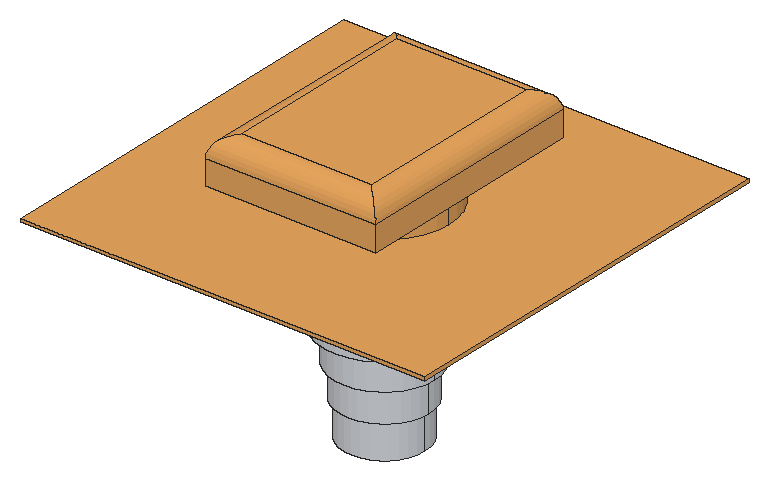
Revit family "CADS_AIRFLOWdev_AirTerminal_UniversalRoofTerminal_Exhaust", category Air Terminals, host Face, Revit 2015
Parameters (values of type "Terracotta")
  WorkExecutionLevel = "N/A"
  WeeklyMaintenance = "N/A"
  WarrantyStartDate [instance] = "N/A"
  WarrantyPeriod = "2"
  WarrantyIdentifier = "N/A"
  WarrantyGuarantorParts = "info@airflow.com"
  WarrantyGuarantorLabor = "info@airflow.com"
  WarrantyGuarantor = "Airflow Developments Ltd"
  WarrantyEndDate [instance] = "N/A"
  WarrantyContent = "Replacement of part if faulty"
  Uniclass2015 = "Pr_65_70_46_01"
  Terminal = CADS_AirFlow_Terracotta
  TagNumber [instance] = "N/A"
  Status [instance] = "New"
  Size = "215 x 500 x 500"
  ShippingWeight = 1.836 kg
  Shape = "OTHER"
  ServiceLifeType = "EXPECTEDSERVICELIFE"
  ServiceLifeDuration = "10"
  SerialNumber [instance] = "N/A"
  ReplacementCost = "157.26"
  QuarterlyMaintenance = "N/A"
  QualityOfComponents = "N/A"
  ProductionYear = "2017"
  ProductLiterature = "N/A"
  PointOfContact = "Airflow Developments Ltd"
  OutdoorEnviornment = "N/A"
  OperationAndMaintenanceManual = "N/A"
  NumberOfSlots = 0
  NominalWidth = 500 mm
  NominalLength = 215 mm
  NominalHeight = 500 mm
  NBSCode = "90-75-50/370 Air terminals;"
  MountingType = "SURFACE"
  MonthlyMaintenance = "N/A"
  ModelReference = "90000351"
  ModelLabel = "Universal Roof Terminal & Adaptor - Terracotta"
  MeanTimeBetweenFailure = "N/A"
  Material = "Plastic"
  ManufacturerWebsite = "www.airflow.com"
  ManufacturerTelephone = "01494 525252"
  ManufacturerE-Mail = "info@airflow.com"
  ManufacturerAddress = "Aidelle House\nLancaster Road\nCressex Business Park\nHigh Wycombe\nBucks\nHP123QP"
  Manufacturer = "Airflow Developments Ltd"
  MaintenanceRequired8001to12000hrs = "N/A"
  MaintenanceRequired601to1000hrs = "N/A"
  MaintenanceRequired4001to8000hrs = "N/A"
  MaintenanceRequired301to600hrs = "N/A"
  MaintenanceRequired2001to4000hrs = "N/A"
  MaintenanceRequired1001to2000hrs = "N/A"
  MaintenanceRequired0to300hrs = "N/A"
  MaintenanceLevel = "N/A"
  IsExtendedWarranty = no
  IndoorEnviornment = "N/A"
  InUseConditions = "N/A"
  ISO90001 = yes
  ISO140001 = yes
  HasThermalInsulation = no
  HasSoundAttenuator = no
  HasIntegralControl = no
  GrossWeight = 1.53 kg
  Grade = "Virgin"
  GlobalTradeItemNumber = "5019009313139"
  FlowControlType = "NONE"
  Flow [instance] = 0.0 L/s
  Features [instance] = "Universal Roof Terminal & Adaptor - Terracotta"
  FaceType = "LOUVERED"
  Exclusions = "Incorrect Use / Incorrect Installation / Installed by a non-accredited electrician. Customer abuse."
  DurationUnit = "Years"
  Duct_Dia [instance] = 160 mm
  Duct [instance] = if(Duct_Dia = 100 mm, 43 mm, if(Duct_Dia = 110 mm, 83 mm, if(Duct_Dia = 125 mm, 123 mm, if(Duct_Dia = 150 mm, 163 mm, if(Duct_Dia = 160 mm, 213 mm, 213 mm)))))  # 213 mm
  DesignLevel = "N/A"
  Description = "Universal Roof Terminal & Adaptor - Terracotta"
  Default Elevation = 1219.2 mm
  DailyMaintenance = "N/A"
  Constituents = "Terracotta"
  Color = "Terracotta"
  CodePerformance = "N/A"
  CEApproval = yes
  BespokeTimeFrameMaintenance = "N/A"
  AssetType = "Fixed"
  AssetIdentifier [instance] = "N/A"
  AssemblyPlace = "N/A"
  AnnualMaintenance = "N/A"
  AirflowRateRange = "0-61"
  AccessibilityPerformance = "N/A"
  6MonthlyMaintenance = "Visually inspect system, clean the fan and ducting if necessary"
Types (4, lengths in mm): name | Terminal | ModelReference | ModelLabel | GlobalTradeItemNumber | Features | Description | Constituents | Color
  (no name) | CADS_AirFlow_Terracotta | "90000351" | "Universal Roof Terminal & Adaptor - Terracotta" | "5019009313139" | "Universal Roof Terminal & Adaptor - Terracotta" | "Universal Roof Terminal & Adaptor - Terracotta" | "Terracotta" | "Terracotta"
  Anthracite | CADS_AirFlow_Anthracite | "90000349" | "Universal Roof Terminal & Adaptor - Anthracite" | "5019009313115" | "Universal Roof Terminal & Adaptor - Anthracite" | "Universal Roof Terminal & Adaptor - Anthracite" | "Anthracite" | "Anthracite"
  Sepia | CADS_AirFlow_Sepia | "90000350" | "Universal Roof Terminal & Adaptor - Sepia" | "5019009313122" | "Universal Roof Terminal & Adaptor - Sepia" | "Universal Roof Terminal & Adaptor - Sepia" | "Sepia" | "Sepia"
  Terracotta | CADS_AirFlow_Terracotta | "90000351" | "Universal Roof Terminal & Adaptor - Terracotta" | "5019009313139" | "Universal Roof Terminal & Adaptor - Terracotta" | "Universal Roof Terminal & Adaptor - Terracotta" | "Terracotta" | "Terracotta"
Reference planes
  plane 1 "Center (Front/Back)": y = 0
  plane 2: z = 0
  plane 3 "Center (Left/Right)": x = 0
  plane 4: x = -250
  plane 5: y = 250
  plane 6: x = 250
  plane 7: y = -250
  plane 8 "Box Base": z = 45
  plane 9: x = -105
  plane 10: x = 105
  plane 11: y = 145
  plane 12: y = -145
  plane 13: z = 100
  plane 14 "Connector": z = -45
  plane 15 "Connector Base": z = -258
Forms (mm)
  Extrusion 1, solid, material "CADS_AirFlow_Terracotta" <- "Terminal"
    sketch origin (0, 0, 0) x (1, 0, 0) y (0, 1, 0)
      loop
        line (250, -250) -> (250, 250) -> (-250, 250) -> (-250, -250) -> (250, -250)
    from 0 to 4
  Extrusion 2, solid, material "CADS_AirFlow_Terracotta" <- "Terminal"
    sketch origin (0, 0, 0) x (1, 0, 0) y (0, 0, 1)
      loop
        line (-105, 45) -> (105, 45) -> (105, 75)
        arc (105, 75) -> (97.678, 92.678) -> (80, 100) r 25
        line (80, 100) -> (-80, 100)
        arc (-80, 100) -> (-97.678, 92.678) -> (-105, 75) r 25
        line (-105, 75) -> (-105, 45)
    from -145 to 145
  Extrusion 3, void
    sketch origin (0, 0, 0) x (0, 1, 0) y (0, 0, 1)
      loop
        line (-120, 100) -> (120, 100)
        arc (120, 100) -> (137.678, 92.678) -> (145, 75) r 25
        line (145, 75) -> (175, 75) -> (175, 145) -> (-175, 145) -> (-175, 75) -> (-145, 75)
        arc (-145, 75) -> (-137.678, 92.678) -> (-120, 100) r 25
    from -194.984 to 250
  Extrusion 4, solid, material "CADS_AirFlow_Terracotta" <- "Terminal"
    sketch origin (0, 0, 0) x (1, 0, 0) y (0, 1, 0)
      loop
        circle (0, 0) r 80
    from -45 to 45
  Revolve 5, solid
    sketch origin (0, 0, -6.969) x (1, 0, 0) y (0, 0, 1)
      loop
        line (0, -38.031) -> (0, -251.031) -> (50, -251.031) -> (50, -208.031) -> (55, -208.031) -> (55, -168.031) -> (62.5, -168.031) -> (62.5, -128.031) -> (75, -128.031) -> (75, -88.031) -> (80, -88.031) -> (80, -38.031) -> (0, -38.031)
      axis (0, -38.031) -> (0, -251.031)
    angle from 0 to 360
  Extrusion 6, solid
    sketch origin (0, 0, -258) x (-1, 0, 0) y (0, -1, 0)
      loop
        circle (0, 0) r 30
    from 0 to 213 <- "Duct"
Cuts and joins
  Extrusion 3 cuts Extrusion 2
Dimensions and locks
  equal spacing: plane 4, plane 3 "Center (Left/Right)", plane 6
  equal spacing: plane 5, plane 1 "Center (Front/Back)", plane 7
  locked: plane 5 to plane 7 at 500
  locked: plane 4 to plane 6 at 500
  locked: plane 8 "Box Base" to level at 45
  equal spacing: plane 11, plane 1 "Center (Front/Back)", plane 12
  equal spacing: plane 9, plane 3 "Center (Left/Right)", plane 10
  locked: plane 11 to plane 12 at 290
  locked: plane 9 to plane 10 at 210
  locked: plane 13 to plane 8 "Box Base" at 55
  locked: level to plane 14 "Connector" at 45
  Revolve 5 sketch curve to Revolve 5 sketch curve to Revolve 5 sketch curve to Revolve 5 sketch curve to Revolve 5 sketch curve to Revolve 5 sketch curve = 50 mm locked, 40 mm locked, 40 mm locked, 40 mm locked, 43 mm locked
  locked: Revolve 5 sketch curve to Revolve 5 sketch curve at 50
  locked: Revolve 5 sketch curve to Revolve 5 sketch curve at 55
  locked: Revolve 5 sketch curve to Revolve 5 sketch curve at 62.5
  locked: Revolve 5 sketch curve to Revolve 5 sketch curve at 75
  locked: Revolve 5 sketch curve to Revolve 5 sketch curve at 80
  plane 14 "Connector" to plane 15 "Connector Base" = 213 mm
  diameter of Extrusion 4 sketch curve = 160 mm
  aligned and locked: plane 2 to host face
  aligned and locked: level to host face
  aligned and locked: Extrusion 1 sketch curve to plane 6
  aligned and locked: Extrusion 1 sketch curve to plane 5
  aligned and locked: plane 11 to Extrusion 2
  aligned and locked: Extrusion 2 to plane 12
  aligned and locked: plane 8 "Box Base" to Extrusion 4
  aligned and locked: Revolve 5 sketch curve to plane 3 "Center (Left/Right)"
  aligned and locked: Extrusion 4 to plane 14 "Connector"
Automatic sketch dimensions
  host sketch curve to host sketch curve = 2438.4 mm  (x2)
  Extrusion 1 sketch curve to plane 4 = 0 mm
  Extrusion 1 sketch curve to plane 7 = 0 mm
  Extrusion 2 sketch curve to plane 8 "Box Base" = 0 mm
  Extrusion 2 sketch curve to plane 9 = 0 mm
  Extrusion 2 sketch curve to plane 13 = 0 mm
  Extrusion 2 sketch curve to plane 10 = 0 mm
  plane 9 to Extrusion 2 sketch curve = 25 mm
  plane 8 "Box Base" to Extrusion 2 sketch curve = 30 mm
  Extrusion 3 sketch curve to plane 12 = 0 mm
  Extrusion 3 sketch curve to plane 13 = 0 mm
  Extrusion 3 sketch curve to plane 11 = 0 mm
  Extrusion 3 sketch curve to Extrusion 3 sketch curve = 30 mm
  plane 12 to Extrusion 3 sketch curve = 25 mm
  plane 11 to Extrusion 3 sketch curve = 30 mm
  plane 13 to Extrusion 3 sketch curve = 45 mm
  Extrusion 3 sketch curve to plane 13 = 25 mm
  plane 1 "Center (Front/Back)" to Extrusion 4 sketch curve = 0 mm
  Extrusion 4 sketch curve to plane 3 "Center (Left/Right)" = 0 mm
  Revolve 5 sketch curve to plane 3 "Center (Left/Right)" = 0 mm
  Revolve 5 sketch curve to plane 15 "Connector Base" = 0 mm
  Revolve 5 sketch curve to Revolve 5 sketch curve = 358.569 mm
  plane 13 to Revolve 5 sketch curve = 2502.089 mm
  plane 1 "Center (Front/Back)" to Extrusion 6 sketch curve = 0 mm
  Extrusion 6 sketch curve to plane 3 "Center (Left/Right)" = 0 mm
  radius of Extrusion 6 sketch curve = 30 mm
Connectors
  hvac at (0, 0, -45), driven by "Duct_Dia", driven by "Flow"
    settings: on Extrusion 6, index 1, duct flow 0.0 L/s, flow factor 0, pres drop 0.0 Pa, loss coef 0, conn angle 0.00°, conn width 304.8 mm, conn height 304.8 mm, conn diameter 160 mm, duct sys type 3, conn prof type 0, flow config 0, flow direction 1, loss method 0, conn ref index -1, conn util no, is conn primary yes, conn desc ""
